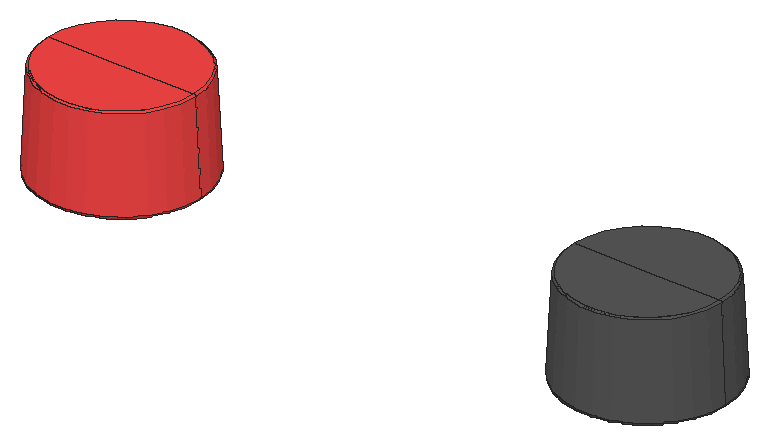
Revit family "Faucet-Handle-KOHLER-COMPONENTS-K-77990T_1", category Plumbing Fixtures, host Face, Revit 2017
Family settings
  Host = Face
  Round Connector Dimension = Use Diameter
  Part Type = Normal
  OmniClass Number = 23.31.11.00
  OmniClass Title = Faucets
  Cut with Voids When Loaded = No
  Shared = No
  Room Calculation Point = No
Parameters (values of type "BLR- Primay color black and red")
  Width [instance] = 7 127/128"
  WaterSense Certified = 1 = 0  # no
  Waste Water Outlet = "Waste Water Outlet"  # constant formula
  Waste Connection = 1 = 0  # no
  Vent Connection = 1 = 0  # no
  URL = "http://www.kohler.com.cn/"
  Type = 1
  Product Page URL = "https://www.kohler.com.cn/product/K-77990T-8MU-BLR/K-77990T-8MU-BLR/"
  Product Name = "COMPONENTS"  # constant formula
  Product Documentation Link = "https://files.kohler.com.cn/pdfs/1565148753830_1358146-2-C(77990T-4%2077990T-8&8MU%2077990T-9%2077963T-8A).pdf"
  Pressure = 0.00 psi
  Model = if(Type = 1, "K-77990T-8MU-BLR", if(Type = 2, "K-77990T-8MU-BL", "NA"))  # "K-77990T-8MU-BLR"
  Material = "Metal construction"  # constant formula
  Master Format 2014 Name = "Residential Faucets, Supplies, and Trim"  # constant formula
  Master Format 2014 = "22 41 39"  # constant formula
  Manufacturer Address = "Kohler Beijing Office (100016)\n36-2-03-B, No. 88, Liuxiang Road, Beijing"  # constant formula
  Manufacturer = "KOHLER Co."  # constant formula
  Length = 2 103/256"  # constant formula
  Hot Water Inlet = "Hot Water Inlet"  # constant formula
  Height = 1 107/256"  # constant formula
  HW Connection = 1 = 1  # yes
  Flow Rate = 0 GPM
  Finish = Kohler-Metal-Red
  Faucet Hole Spacing [instance] = Width  # 7 127/128"
  Environmental Product Declaration = ""
  Drain Included = 1 = 0  # no
  Description = "pillar handle (Manchester United limited edition)"  # constant formula
  Default Elevation = 36"
  Declare Label = ""
  Date Modified = "1/19/2021"  # constant formula
  Date Created = "1/19/2021"  # constant formula
  Copyright = "Copyright KOHLER Co."  # constant formula
  Contact Us = "http://www.kohler.com.cn/contact/contact-us/"
  Cold Water Inlet = "Cold Water Inlet"  # constant formula
  CW Connection = 1 = 1  # yes
  Assembly Code = "D2010"
  ADA Compliant = 1 = 0  # no
Types (3): name | Type | Product Page URL | Model | Finish
  (no name) | 1 | "https://www.kohler.com.cn/product/K-77990T-8MU-BLR/K-77990T-8MU-BLR/" | "K-77990T-8MU-BLR" | Kohler-Metal-Red
  BLR- Primay color black and red | 1 | "https://www.kohler.com.cn/product/K-77990T-8MU-BLR/K-77990T-8MU-BLR/" | "K-77990T-8MU-BLR" | Kohler-Metal-Red
  BL- Primary black | 2 | "https://www.kohler.com.cn/product/K-77990T-8MU-BL/K-77990T-8MU-BL/" | "K-77990T-8MU-BL" | Kohler-Metal-BL-Matte_Black
Reference planes (in)
  plane 1 "Center (Front/Back)": y = 0
  plane 2: z = 0
  plane 3 "Center (Left/Right)": x = 0
  plane 4: x = -3.99609
  plane 5: x = 3.99609
  plane 6: y = 1.20079
  plane 7: y = -1.20156
  plane 8: x = -2.79531
  plane 9: x = -5.19688
  plane 10: x = 5.19688
  plane 11: x = 2.79531
  plane 12: z = 1.41797
Dimensions and locks (in)
  equal spacing: plane 4, plane 3 "Center (Left/Right)", plane 5
  "Width": plane 4 to plane 5
  locked: plane 9 to plane 8 at 2.40157
  "Length": plane 6 to plane 7
  equal spacing: plane 9, plane 4, plane 8, locked at 1.20079 each
  equal spacing: plane 11, plane 5, plane 10, locked at 1.20079 each
  locked: plane 11 to plane 10 at 2.40157
  "Height": plane 12 to level
  aligned and locked: plane 2 to host face
  aligned and locked: level to host face
  aligned and locked: plane 1 "Center (Front/Back)" to nested 1
  aligned and locked: plane 1 "Center (Front/Back)" to nested 2
  aligned and locked: plane 4 to nested 1
  aligned and locked: plane 5 to nested 2
Automatic sketch dimensions
  host sketch curve to host sketch curve = 96"  (x2)
Nested families (in)
  nested 1: "K-77990T_Left_Handle" at (-3.99609, 0, 0), type "K-77990T_Left_Handle"
  nested 2: "K-77990T_Right_Handle" at (3.99609, 0, 0), type "K-77990T_Right_Handle"
Connectors (in)
  piping at (-3.99609, 0, 0), diameter 0.5, driven by "Flow Rate", driven by "HW Connection", driven by "Hot Water Inlet"
    settings: on nested 1, index 1, connector inside diameter 24", connector length 0", flow factor 0, pipe flow 0 GPM, pressure drop 0.00 psi, fitting loss kfactor 0, connector angle 0.00°, fixture units 0, engagement length 0", angle of deflection 0.00°, flow configuration 0, flow direction 1, fitting loss method 0, system type 19, joint type 0, gender type 0, connector reference index -1, connector utility 1, adjustable connector no, is connector primary yes, connector description "Hot Water Inlet"
  piping at (3.99609, 0, 0), diameter 0.5, driven by "Flow Rate", driven by "CW Connection", driven by "Cold Water Inlet"
    settings: on nested 2, index 2, connector inside diameter 24", connector length 0", flow factor 0, pipe flow 0 GPM, pressure drop 0.00 psi, fitting loss kfactor 0, connector angle 0.00°, fixture units 0, engagement length 0", angle of deflection 0.00°, flow configuration 0, flow direction 1, fitting loss method 0, system type 20, joint type 0, gender type 0, connector reference index -1, connector utility 1, adjustable connector no, is connector primary no, connector description "Cold Water Inlet"
Definition of nested family "K-77990T_Left_Handle"
  Parameters (values of type "K-77990T_Left_Handle")
    L H Material = none
  Reference planes (in)
    plane 1 "Center (Front/Back)": y = 0
    plane 2: z = 0
    plane 3 "Center (Left/Right)": x = 0
    plane 4: y = 1.20079
    plane 5: x = -1.20079
    plane 6: y = -1.20079
    plane 7: x = 1.20079
    plane 8: z = 1.41732
  Forms (in)
    Revolve 1, solid, material <- "L H Material", detail levels medium+fine
      sketch origin (0, 0, 0) x (1, 0, 0) y (0, 0, 1)
        loop
          line (0, 0) -> (1.17717, 0)
          arc (1.17717, 0) -> (1.19429, 0.00735) -> (1.20076, 0.02483) r 0.02362
          line (1.20076, 0.02483) -> (1.13057, 1.39302) -> (1.10627, 1.41732) -> (0, 1.41732) -> (0, 0)
        axis (0, 1.41732) -> (0, 0)
      angle from 0 to 360
    Extrusion 2, solid, material <- "L H Material", detail levels coarse
      sketch origin (0, 0, 0) x (1, 0, 0) y (0, 1, 0)
        loop
          circle (0, 0) r 1.20079
      from 0 to 1.41732
    Extrusion 3, solid, material <- "L H Material", detail levels medium+fine
      sketch origin (0, 0, 0) x (1, 0, 0) y (0, 1, 0)
        loop
          circle (0, 0) r 0.31496
      from 0 to 0.3937
  Lines and regions (in)
    Masking region 1
      outline origin (0, 0, 0) x (1, 0, 0) y (0, 1, 0)
        loop
          circle (0, 0) r 1.20079
    Masking region 2
      outline origin (0, 0, 0) x (1, 0, 0) y (0, 0, 1)
        loop
          line (0, 0) -> (1.17717, 0)
          arc (1.17717, 0) -> (1.19429, 0.00735) -> (1.20076, 0.02483) r 0.02362
          line (1.20076, 0.02483) -> (1.13057, 1.39302) -> (1.10627, 1.41732) -> (0, 1.41732) -> (-1.10627, 1.41732) -> (-1.13057, 1.39302) -> (-1.20076, 0.02483)
          arc (-1.20076, 0.02483) -> (-1.19429, 0.00735) -> (-1.17717, 0) r 0.02362
          line (-1.17717, 0) -> (0, 0)
    Masking region 3
      outline origin (0, 0, 0) x (0, 1, 0) y (0, 0, 1)
        loop
          line (0, 0) -> (1.17717, 0)
          arc (1.17717, 0) -> (1.19429, 0.00735) -> (1.20076, 0.02483) r 0.02362
          line (1.20076, 0.02483) -> (1.13057, 1.39302) -> (1.10627, 1.41732) -> (0, 1.41732) -> (-1.10627, 1.41732) -> (-1.13057, 1.39302) -> (-1.20076, 0.02483)
          arc (-1.20076, 0.02483) -> (-1.19429, 0.00735) -> (-1.17717, 0) r 0.02362
          line (-1.17717, 0) -> (0, 0)
    symbolic lines, detail levels medium+fine
      curve 1: circle (0, 0, 0) r 1.13057 normal (0, 0, 1)
      curve 2: circle (0, 0, 0) r 1.10627 normal (0, 0, 1)
      curve 3: line (-1.13057, 0, 1.39302) -> (1.13057, 0, 1.39302)
      curve 4: line (-1.20076, 0, 0.02483) -> (1.20076, 0, 0.02483)
      curve 5: line (-1.19503, 0, 0.1365) -> (1.19503, 0, 0.1365)
      curve 6: line (0, 1.13057, 1.39302) -> (0, -1.13057, 1.39302)
      curve 7: line (0, 1.20076, 0.02483) -> (0, -1.20076, 0.02483)
      curve 8: line (0, 1.19573, 0.12284) -> (0, -1.19573, 0.12284)
  Dimensions and locks (in)
    plane 4 to plane 6 = 2.40157"
    plane 5 to plane 7 = 2.40157"
    aligned and locked: plane 2 to level
Definition of nested family "K-77990T_Right_Handle"
  Parameters (values of type "K-77990T_Right_Handle")
    L H Material = none
  Reference planes (in)
    plane 1 "Center (Front/Back)": y = 0
    plane 2: z = 0
    plane 3 "Center (Left/Right)": x = 0
    plane 4: y = 1.20079
    plane 5: x = -1.20079
    plane 6: y = -1.20079
    plane 7: x = 1.20079
    plane 8: z = 1.41732
  Forms (in)
    Revolve 1, solid, detail levels medium+fine
      sketch origin (0, 0, 0) x (1, 0, 0) y (0, 0, 1)
        loop
          line (0, 0) -> (1.17717, 0)
          arc (1.17717, 0) -> (1.19429, 0.00735) -> (1.20076, 0.02483) r 0.02362
          line (1.20076, 0.02483) -> (1.13057, 1.39302) -> (1.10627, 1.41732) -> (0, 1.41732) -> (0, 0)
        axis (0, 1.41732) -> (0, 0)
      angle from 0 to 360
    Extrusion 2, solid, detail levels coarse
      sketch origin (0, 0, 0) x (1, 0, 0) y (0, 1, 0)
        loop
          circle (0, 0) r 1.20079
      from 0 to 1.41732
    Extrusion 3, solid, detail levels medium+fine
      sketch origin (0, 0, 0) x (1, 0, 0) y (0, 1, 0)
        loop
          circle (0, 0) r 0.31496
      from 0 to 0.3937
  Lines and regions (in)
    Masking region 1
      outline origin (0, 0, 0) x (1, 0, 0) y (0, 1, 0)
        loop
          circle (0, 0) r 1.20079
    Masking region 2
      outline origin (0, 0, 0) x (1, 0, 0) y (0, 0, 1)
        loop
          line (0, 0) -> (1.17717, 0)
          arc (1.17717, 0) -> (1.19429, 0.00735) -> (1.20076, 0.02483) r 0.02362
          line (1.20076, 0.02483) -> (1.13057, 1.39302) -> (1.10627, 1.41732) -> (0, 1.41732) -> (-1.10627, 1.41732) -> (-1.13057, 1.39302) -> (-1.20076, 0.02483)
          arc (-1.20076, 0.02483) -> (-1.19429, 0.00735) -> (-1.17717, 0) r 0.02362
          line (-1.17717, 0) -> (0, 0)
    Masking region 3
      outline origin (0, 0, 0) x (0, 1, 0) y (0, 0, 1)
        loop
          line (0, 0) -> (1.17717, 0)
          arc (1.17717, 0) -> (1.19429, 0.00735) -> (1.20076, 0.02483) r 0.02362
          line (1.20076, 0.02483) -> (1.13057, 1.39302) -> (1.10627, 1.41732) -> (0, 1.41732) -> (-1.10627, 1.41732) -> (-1.13057, 1.39302) -> (-1.20076, 0.02483)
          arc (-1.20076, 0.02483) -> (-1.19429, 0.00735) -> (-1.17717, 0) r 0.02362
          line (-1.17717, 0) -> (0, 0)
    symbolic lines, detail levels medium+fine
      curve 1: circle (0, 0, 0) r 1.13057 normal (0, 0, 1)
      curve 2: circle (0, 0, 0) r 1.10627 normal (0, 0, 1)
      curve 3: line (-1.13057, 0, 1.39302) -> (1.13057, 0, 1.39302)
      curve 4: line (-1.20076, 0, 0.02483) -> (1.20076, 0, 0.02483)
      curve 5: line (-1.19503, 0, 0.1365) -> (1.19503, 0, 0.1365)
      curve 6: line (0, 1.13057, 1.39302) -> (0, -1.13057, 1.39302)
      curve 7: line (0, 1.20076, 0.02483) -> (0, -1.20076, 0.02483)
      curve 8: line (0, 1.19573, 0.12284) -> (0, -1.19573, 0.12284)
  Dimensions and locks (in)
    plane 4 to plane 6 = 2.40157"
    plane 5 to plane 7 = 2.40157"
    aligned and locked: plane 2 to level
